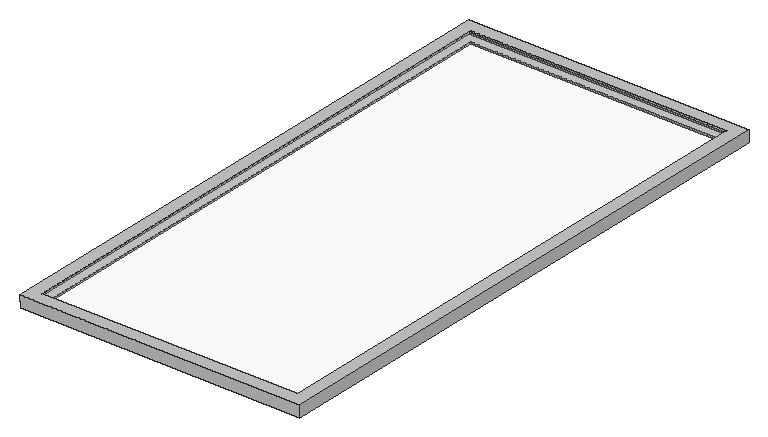
Revit family "rba-bim-b2908", category Specialty Equipment, host Face, Revit 2018
Family settings
  Host = Face
  Round Connector Dimension = Use Diameter
  Part Type = Normal
  OmniClass Number = 23.40.20.21
  OmniClass Title = Toilet and Bath Specialties
  Cut with Voids When Loaded = No
  Shared = Yes
  Room Calculation Point = No
Parameters (values of type "B-2908 1836")
  Width = 0.4572 m
  URL = "www.rba.com.au"
  Product Name = "Glass Mirror with Stainless Steel Angle Frame"
  Modified Issue = "20200514.01"
  Model = "B-2908 Series"
  Manufacturer = "Bobrick Washroom Equipment"
  Keynote = "10 28 00"
  Height = 0.9144 m
  Glass = 6.0mm Tempered Safety Glass
  Frame Thickness = 0.01905 m
  Frame = Heavy Gauge #304 Stainless Steel
  Default Elevation = 1.016 m
  Copyright by = "RBA Group"  # constant formula
  Assembly Code = "C1030210"
  ADA Compliant = yes
Types (3, lengths in m): name | Width | Modified Issue | Manufacturer | Frame
  (no name) | 0.4572 | "20200514.01" | "Bobrick Washroom Equipment" | Heavy Gauge #304 Stainless Steel
  B-2908 1836 | 0.4572 | "20200514.01" | "Bobrick Washroom Equipment" | Heavy Gauge #304 Stainless Steel
  B-2908 2436 | 0.6096 | "" | "RBA Group" | none
Reference planes (m)
  plane 1 "Center (Front/Back)": y = 0
  plane 2: z = 0
  plane 3 "Center (Left/Right)": x = 0
  plane 4: y = 0.89535
  plane 5: y = 0.8763
  plane 6: y = -0.01905
  plane 7: x = -0.20955
  plane 8: x = -0.2286
  plane 9: x = 0.20955
  plane 10: x = 0.2286
  plane 11: y = 0.890587
  plane 12: x = -0.223837
  plane 13: x = 0.223838
  plane 14: y = -0.014288
  plane 15: z = 0.003175
  plane 16: z = 0.01905
  plane 17: z = 0.015875
Forms (m)
  Sweep 1, solid, material "Heavy Gauge #304 Stainless Steel"
    path origin (0, 0, 0) x (1, 0, 0) y (0, 1, 0)
      loop
        line (-0.2286, -0.01905) -> (0.2286, -0.01905) -> (0.2286, 0.89535) -> (-0.2286, 0.89535) -> (-0.2286, -0.01905)
    profile origin (-0.2286, 0.43815, 0) x (-1, 0, 0) y (0, 0, 1)
      loop
        line (-0.01905, 0.01905) -> (-0.01905, 0.015875) -> (-0.004763, 0.015875) -> (-0.004763, 0.003175) -> (-0.01905, 0.003175) -> (-0.01905, 0) -> (0, 0) -> (0, 0.01905) -> (-0.01905, 0.01905)
  Extrusion 2, solid, material "6.0mm Tempered Safety Glass" <- "Glass"
    sketch origin (0, 0, 0) x (1, 0, 0) y (0, 1, 0)
      loop
        line (-0.223837, 0.890587) -> (-0.223837, -0.014288) -> (0.223838, -0.014288) -> (0.223838, 0.890587) -> (-0.223837, 0.890587)
    from 0.003175 to 0.015875
Lines and regions (m)
  Masking region 1
    outline origin (0, 0, 0) x (1, 0, 0) y (0, 1, 0)
      loop
        line (-0.2286, 0.89535) -> (-0.2286, -0.01905) -> (0.2286, -0.01905) -> (0.2286, 0.89535) -> (-0.2286, 0.89535)
  Masking region 2
    outline origin (0, 0, 0) x (1, 0, 0) y (0, 0, 1)
      loop
        line (0.2286, 0.01905) -> (-0.2286, 0.01905) -> (-0.2286, 0) -> (0.2286, 0) -> (0.2286, 0.01905)
  Masking region 3
    outline origin (0, 0, 0) x (0, 1, 0) y (0, 0, 1)
      loop
        line (0.89535, 0.01905) -> (-0.01905, 0.01905) -> (-0.01905, 0) -> (0.89535, 0) -> (0.89535, 0.01905)
  symbolic lines
    curve 1: line (0.2286, 0.89535, 0) -> (-0.2286, 0.89535, 0)
    curve 2: line (-0.2286, 0.89535, 0) -> (-0.2286, -0.01905, 0)
    curve 3: line (-0.2286, -0.01905, 0) -> (0.2286, -0.01905, 0)
    curve 4: line (0.2286, -0.01905, 0) -> (0.2286, 0.89535, 0)
    curve 5: line (0.20955, 0.8763, 0) -> (0.20955, 0, 0)
    curve 6: line (0.20955, 0, 0) -> (-0.20955, 0, 0)
    curve 7: line (-0.20955, 0, 0) -> (-0.20955, 0.8763, 0)
    curve 8: line (-0.20955, 0.8763, 0) -> (0.20955, 0.8763, 0)
    curve 9: line (0.2286, 0, 0) -> (0.2286, 0, 0.01905)
    curve 10: line (0.2286, 0, 0.01905) -> (-0.2286, 0, 0.01905)
    curve 11: line (-0.2286, 0, 0) -> (0.2286, 0, 0)
    curve 12: line (-0.2286, 0, 0.01905) -> (-0.2286, 0, 0)
    curve 13: line (0, 0.89535, 0.01905) -> (0, -0.01905, 0.01905)
    curve 14: line (0, 0.89535, 0) -> (0, 0.89535, 0.01905)
    curve 15: line (0, -0.01905, 0) -> (0, 0.89535, 0)
    curve 16: line (0, -0.01905, 0.01905) -> (0, -0.01905, 0)
Dimensions and locks (m)
  "Frame Thickness": plane 1 "Center (Front/Back)" to plane 6
  "Frame Thickness": plane 8 to plane 7
  "Frame Thickness": plane 9 to plane 10
  "Frame Thickness": plane 4 to plane 5
  "Height": plane 4 to plane 6
  "Width": plane 8 to plane 10
  equal spacing: plane 8, plane 3 "Center (Left/Right)", plane 10
  locked: plane 4 to plane 11 at 0.004763
  locked: plane 8 to plane 12 at 0.004763
  locked: plane 13 to plane 10 at 0.004763
  locked: plane 14 to plane 6 at 0.004762
  locked: plane 15 to level at 0.003175
  "Frame Thickness": plane 16 to level
  locked: plane 16 to plane 17 at 0.003175
  aligned and locked: plane 2 to host face
  aligned and locked: level to host face
  aligned and locked: plane 8 to Sweep 1 sketch curve  (x2)
  aligned and locked: Sweep 1 sketch curve to plane 4
  aligned and locked: plane 10 to Sweep 1 sketch curve
  aligned and locked: plane 6 to Sweep 1 sketch curve
  aligned and locked: Sweep 1 sketch curve to plane 7  (x2)
  aligned and locked: Sweep 1 sketch curve to plane 16
  aligned and locked: level to Sweep 1 sketch curve
  aligned and locked: Sweep 1 sketch curve to plane 15
  aligned and locked: Sweep 1 sketch curve to plane 12
  aligned and locked: plane 17 to Sweep 1 sketch curve
  aligned and locked: Extrusion 2 sketch curve to Sweep 1  (x4)
  aligned and locked: Extrusion 2 to plane 15
  aligned and locked: plane 17 to Extrusion 2
  aligned and locked: Masking region 1 sketch curve to Sweep 1  (x4)
  aligned and locked: curve 1 to Sweep 1
  aligned and locked: curve 2 to Sweep 1
  aligned and locked: curve 3 to Sweep 1
  aligned and locked: curve 4 to Sweep 1
  aligned and locked: curve 5 to Sweep 1
  aligned and locked: curve 6 to Sweep 1
  aligned and locked: curve 7 to Sweep 1
  aligned and locked: curve 8 to Sweep 1
  aligned and locked: Masking region 2 sketch curve to Sweep 1  (x4)
  aligned and locked: curve 9 to Sweep 1
  aligned and locked: curve 10 to Sweep 1
  aligned and locked: curve 11 to Sweep 1
  aligned and locked: curve 12 to Sweep 1
  aligned and locked: Masking region 3 sketch curve to Sweep 1  (x4)
  aligned and locked: curve 13 to Sweep 1
  aligned and locked: curve 14 to Sweep 1
  aligned and locked: curve 15 to Sweep 1
  aligned and locked: curve 16 to Sweep 1
Automatic sketch dimensions
  host sketch curve to host sketch curve = 2.4384 m  (x2)
